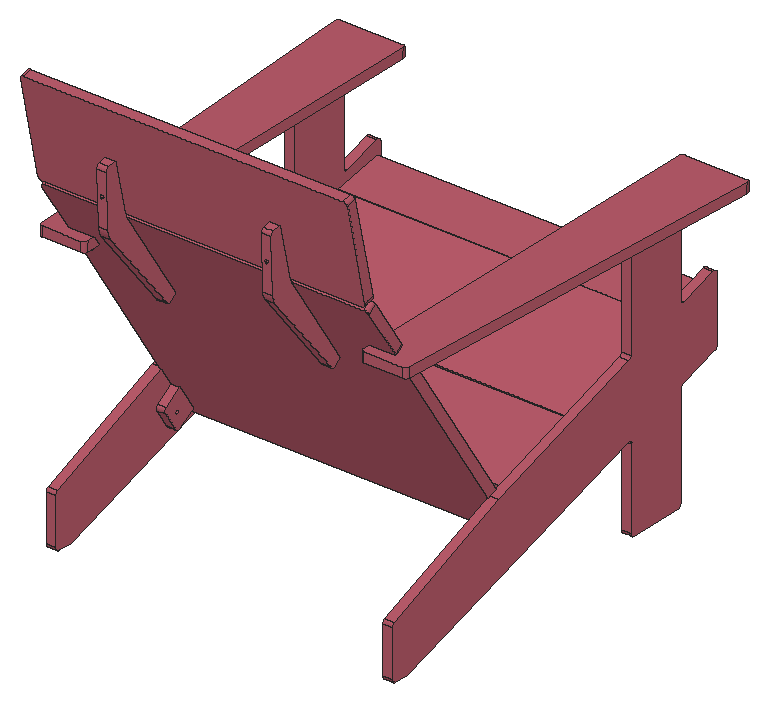
Revit family "Lollygagger Lounge", category Furniture, Revit 2016
Family settings
  OmniClass Number = 23.40.20.00
  OmniClass Title = General Furniture and Specialties
  Work Plane-Based = No
  Always vertical = Yes
  Cut with Voids When Loaded = No
  Shared = No
  Room Calculation Point = No
Parameters (values of type "Loll-Apple")
  Width = 2' - 5 17/64"  # constant formula
  URL = "https://lolldesigns.com/"
  Type Image = lollygagger_lounge_green.jpg
  Thick = 0' - 0 5/8"  # constant formula
  Model = ""
  Manufacturer = "Loll"  # constant formula
  Length = 1' - 10 5/8"  # constant formula
  Height Arm = 1' - 6 19/32"  # constant formula
  Finish Material = Loll-Apple
Reference planes (in)
  plane 1 "Center Front/Back": y = 0
  plane 2: z = 0
  plane 3 "Center Left/Right": x = 0
  plane 4: x = 11.3125
  plane 5: x = -11.3125
  plane 6: y = 14.74047
  plane 7: y = -14.52515
  plane 8: x = 10.6875
  plane 9: x = -10.6875
  plane 10: z = 18.59375
  plane 11: z = 17.96875
Forms (in)
  Extrusion 1, solid, material "Loll-Apple" <- "Finish Material"
    sketch origin (-10.88537, 1.93943, 17.96875) x (0, 1, 0) y (1, 0, 0)
      loop
        arc (-13.19896, 1.88537) -> (-13.37574, 1.81215) -> (-13.44896, 1.63537) r 0.25
        line (-13.44896, 1.63537) -> (-13.44896, -0.8785)
        arc (-13.44896, -0.8785) -> (-13.38071, -1.05017) -> (-13.21322, -1.1281) r 0.25
        line (-13.21322, -1.1281) -> (12.53678, -2.59953)
        arc (12.53678, -2.59953) -> (12.7227, -2.53168) -> (12.80104, -2.34993) r 0.25
        line (12.80104, -2.34993) -> (12.80104, 1.63537)
        arc (12.80104, 1.63537) -> (12.72782, 1.81215) -> (12.55104, 1.88537) r 0.25
        line (12.55104, 1.88537) -> (-13.19896, 1.88537)
    from 0 to -0.625
  Extrusion 2, solid, material "Loll-Apple" <- "Finish Material"
    sketch origin (0, -6.42158, 13.08828) x (-1, 0, 0) y (0, -0.544639, 0.838671)
      loop
        arc (-10.4375, 11.18421) -> (-10.61428, 11.11098) -> (-10.6875, 10.93421) r 0.25
        line (-10.6875, 10.93421) -> (-10.6875, 7.0087)
        arc (-10.6875, 7.0087) -> (-10.65089, 6.92031) -> (-10.5625, 6.8837) r 0.125
        line (-10.5625, 6.8837) -> (-9.25, 6.8837)
        arc (-9.25, 6.8837) -> (-9.07322, 6.81048) -> (-9, 6.6337) r 0.25
        line (-9, 6.6337) -> (-9, 6.53474)
        arc (-9, 6.53474) -> (-9.07322, 6.35796) -> (-9.25, 6.28474) r 0.25
        line (-9.25, 6.28474) -> (-10.5625, 6.28474)
        arc (-10.5625, 6.28474) -> (-10.65089, 6.24812) -> (-10.6875, 6.15974) r 0.125
        line (-10.6875, 6.15974) -> (-10.6875, -7.81579) -> (-10.9375, -7.81579)
        arc (-10.9375, -7.81579) -> (-11.02589, -7.8524) -> (-11.0625, -7.94079) r 0.125
        line (-11.0625, -7.94079) -> (-11.0625, -10.69079)
        arc (-11.0625, -10.69079) -> (-11.02589, -10.77918) -> (-10.9375, -10.81579) r 0.125
        line (-10.9375, -10.81579) -> (10.9375, -10.81579)
        arc (10.9375, -10.81579) -> (11.02589, -10.77918) -> (11.0625, -10.69079) r 0.125
        line (11.0625, -10.69079) -> (11.0625, -7.94079)
        arc (11.0625, -7.94079) -> (11.02589, -7.8524) -> (10.9375, -7.81579) r 0.125
        line (10.9375, -7.81579) -> (10.6875, -7.81579) -> (10.6875, 6.15974)
        arc (10.6875, 6.15974) -> (10.65089, 6.24812) -> (10.5625, 6.28474) r 0.125
        line (10.5625, 6.28474) -> (9.25, 6.28474)
        arc (9.25, 6.28474) -> (9.07322, 6.35796) -> (9, 6.53474) r 0.25
        line (9, 6.53474) -> (9, 6.6337)
        arc (9, 6.6337) -> (9.07322, 6.81048) -> (9.25, 6.8837) r 0.25
        line (9.25, 6.8837) -> (10.5625, 6.8837)
        arc (10.5625, 6.8837) -> (10.65089, 6.92031) -> (10.6875, 7.0087) r 0.125
        line (10.6875, 7.0087) -> (10.6875, 10.93421)
        arc (10.6875, 10.93421) -> (10.61428, 11.11098) -> (10.4375, 11.18421) r 0.25
        line (10.4375, 11.18421) -> (-10.4375, 11.18421)
    from 0 to -0.625
  Extrusion 3, solid, material "Loll-Apple" <- "Finish Material", not visible
    sketch origin (-23.38537, 1.94109, 22.22123) x (0, 1, 0) y (1, 0, 0)
      loop
        arc (-13.19896, 1.88537) -> (-13.37574, 1.81215) -> (-13.44896, 1.63537) r 0.25
        line (-13.44896, 1.63537) -> (-13.44896, -0.8785)
        arc (-13.44896, -0.8785) -> (-13.38071, -1.05017) -> (-13.21322, -1.1281) r 0.25
        line (-13.21322, -1.1281) -> (12.53678, -2.59953)
        arc (12.53678, -2.59953) -> (12.7227, -2.53168) -> (12.80104, -2.34993) r 0.25
        line (12.80104, -2.34993) -> (12.80104, 1.63537)
        arc (12.80104, 1.63537) -> (12.72782, 1.81215) -> (12.55104, 1.88537) r 0.25
        line (12.55104, 1.88537) -> (-13.19896, 1.88537)
    from 0 to -0.625
  Extrusion 4, solid, material "Loll-Apple" <- "Finish Material"
    sketch origin (10.88537, -1.93943, 17.96875) x (0, -1, 0) y (-1, 0, 0)
      loop
        line (9.32009, 1.88537) -> (-16.42991, 1.88537)
        arc (-16.42991, 1.88537) -> (-16.60669, 1.81215) -> (-16.67991, 1.63537) r 0.25
        line (-16.67991, 1.63537) -> (-16.67991, -2.34993)
        arc (-16.67991, -2.34993) -> (-16.60157, -2.53168) -> (-16.41565, -2.59953) r 0.25
        line (-16.41565, -2.59953) -> (9.33435, -1.1281)
        arc (9.33435, -1.1281) -> (9.50184, -1.05017) -> (9.57009, -0.8785) r 0.25
        line (9.57009, -0.8785) -> (9.57009, 1.63537)
        arc (9.57009, 1.63537) -> (9.49687, 1.81215) -> (9.32009, 1.88537) r 0.25
    from 0 to -0.625
  Extrusion 5, solid, material "Loll-Apple" <- "Finish Material"
    sketch origin (0, 0.96383, 7.68975) x (1, 0, 0) y (0, 0.978148, 0.207912)
      loop
        line (-10.875, -3) -> (10.875, -3)
        arc (10.875, -3) -> (10.96339, -2.96339) -> (11, -2.875) r 0.125
        line (11, -2.875) -> (11, 2.875)
        arc (11, 2.875) -> (10.96339, 2.96339) -> (10.875, 3) r 0.125
        line (10.875, 3) -> (-10.875, 3)
        arc (-10.875, 3) -> (-10.96339, 2.96339) -> (-11, 2.875) r 0.125
        line (-11, 2.875) -> (-11, -2.875)
        arc (-11, -2.875) -> (-10.96339, -2.96339) -> (-10.875, -3) r 0.125
    from 0 to -0.625
  Extrusion 6, solid, material "Loll-Apple" <- "Finish Material"
    sketch origin (0, 9.35533, 9.78025) x (0, 0.930418, 0.366501) y (1, 0, 0)
      loop
        line (-5.49076, 10.6875) -> (-5.49076, -10.6875) -> (2.21879, -10.6875) -> (2.21879, 10.6875) -> (-5.49076, 10.6875)
    from 0 to -0.625
  Extrusion 7, solid, material "Loll-Apple" <- "Finish Material"
    sketch origin (-10.6875, 3.48106, 9.27315) x (0, 1, 0) y (0, 0, 1)
      loop
        arc (4.25942, 1.40273) -> (4.21167, 1.25578) -> (4.08667, 1.16497) r 0.25
        line (4.08667, 1.16497) -> (-6.5637, -2.29555) -> (-15.07922, -5.73604)
        arc (-15.07922, -5.73604) -> (-15.19282, -5.82804) -> (-15.23556, -5.96784) r 0.25
        line (-15.23556, -5.96784) -> (-15.23556, -9.02315)
        arc (-15.23556, -9.02315) -> (-15.16234, -9.19993) -> (-14.98556, -9.27315) r 0.25
        line (-14.98556, -9.27315) -> (-14.08185, -9.27315) -> (3.93364, -3.54269)
        arc (3.93364, -3.54269) -> (4.15699, -3.57913) -> (4.25942, -3.78092) r 0.25
        line (4.25942, -3.78092) -> (4.25942, -9.02315)
        arc (4.25942, -9.02315) -> (4.33264, -9.19993) -> (4.50942, -9.27315) r 0.25
        line (4.50942, -9.27315) -> (8.00942, -9.27315)
        arc (8.00942, -9.27315) -> (8.18619, -9.19993) -> (8.25942, -9.02315) r 0.25
        line (8.25942, -9.02315) -> (8.25942, -2.34954)
        arc (8.25942, -2.34954) -> (8.30762, -2.20197) -> (8.43364, -2.1113) r 0.25
        line (8.43364, -2.1113) -> (11.0852, -1.26788)
        arc (11.0852, -1.26788) -> (11.21122, -1.17721) -> (11.25942, -1.02964) r 0.25
        line (11.25942, -1.02964) -> (11.25942, 3.15144)
        arc (11.25942, 3.15144) -> (11.15636, 3.35369) -> (10.93216, 3.3892) r 0.25
        line (10.93216, 3.3892) -> (8.58667, 2.6271)
        arc (8.58667, 2.6271) -> (8.36247, 2.66261) -> (8.25942, 2.86487) r 0.25
        line (8.25942, 2.86487) -> (8.25942, 8.6956) -> (4.25942, 8.6956) -> (4.25942, 1.40273)
    from 0 to -0.625
  Extrusion 8, solid, material "Loll-Apple" <- "Finish Material", not visible
    sketch origin (10.6875, -3.48106, 9.27315) x (0, -1, 0) y (0, 0, 1)
      loop
        line (-11.22153, 1.40273) -> (-11.22153, 8.6956) -> (-15.22153, 8.6956) -> (-15.22153, 2.86487)
        arc (-15.22153, 2.86487) -> (-15.32459, 2.66261) -> (-15.54879, 2.6271) r 0.25
        line (-15.54879, 2.6271) -> (-17.89428, 3.3892)
        arc (-17.89428, 3.3892) -> (-18.11848, 3.35369) -> (-18.22153, 3.15144) r 0.25
        line (-18.22153, 3.15144) -> (-18.22153, -1.02964)
        arc (-18.22153, -1.02964) -> (-18.17333, -1.17721) -> (-18.04731, -1.26788) r 0.25
        line (-18.04731, -1.26788) -> (-15.39575, -2.1113)
        arc (-15.39575, -2.1113) -> (-15.26973, -2.20197) -> (-15.22153, -2.34954) r 0.25
        line (-15.22153, -2.34954) -> (-15.22153, -9.02315)
        arc (-15.22153, -9.02315) -> (-15.14831, -9.19993) -> (-14.97153, -9.27315) r 0.25
        line (-14.97153, -9.27315) -> (-11.47153, -9.27315)
        arc (-11.47153, -9.27315) -> (-11.29475, -9.19993) -> (-11.22153, -9.02315) r 0.25
        line (-11.22153, -9.02315) -> (-11.22153, -3.78092)
        arc (-11.22153, -3.78092) -> (-11.1191, -3.57913) -> (-10.89575, -3.54269) r 0.25
        line (-10.89575, -3.54269) -> (7.11973, -9.27315) -> (8.02345, -9.27315)
        arc (8.02345, -9.27315) -> (8.20023, -9.19993) -> (8.27345, -9.02315) r 0.25
        line (8.27345, -9.02315) -> (8.27345, -5.96784)
        arc (8.27345, -5.96784) -> (8.23071, -5.82804) -> (8.1171, -5.73604) r 0.25
        line (8.1171, -5.73604) -> (-0.39842, -2.29555) -> (-11.04879, 1.16497)
        arc (-11.04879, 1.16497) -> (-11.17379, 1.25578) -> (-11.22153, 1.40273) r 0.25
    from 0 to -0.625
  Extrusion 9, solid, material "Loll-Apple" <- "Finish Material"
    sketch origin (10.6875, -3.48106, 9.27315) x (0, -1, 0) y (0, 0, 1)
      loop
        line (-11.22153, 1.40273) -> (-11.22153, 8.6956) -> (-15.22153, 8.6956) -> (-15.22153, 2.86487)
        arc (-15.22153, 2.86487) -> (-15.32459, 2.66261) -> (-15.54879, 2.6271) r 0.25
        line (-15.54879, 2.6271) -> (-17.89428, 3.3892)
        arc (-17.89428, 3.3892) -> (-18.11848, 3.35369) -> (-18.22153, 3.15144) r 0.25
        line (-18.22153, 3.15144) -> (-18.22153, -1.02964)
        arc (-18.22153, -1.02964) -> (-18.17333, -1.17721) -> (-18.04731, -1.26788) r 0.25
        line (-18.04731, -1.26788) -> (-15.39575, -2.1113)
        arc (-15.39575, -2.1113) -> (-15.26973, -2.20197) -> (-15.22153, -2.34954) r 0.25
        line (-15.22153, -2.34954) -> (-15.22153, -9.02315)
        arc (-15.22153, -9.02315) -> (-15.14831, -9.19993) -> (-14.97153, -9.27315) r 0.25
        line (-14.97153, -9.27315) -> (-11.47153, -9.27315)
        arc (-11.47153, -9.27315) -> (-11.29475, -9.19993) -> (-11.22153, -9.02315) r 0.25
        line (-11.22153, -9.02315) -> (-11.22153, -3.78092)
        arc (-11.22153, -3.78092) -> (-11.1191, -3.57913) -> (-10.89575, -3.54269) r 0.25
        line (-10.89575, -3.54269) -> (7.11973, -9.27315) -> (8.02345, -9.27315)
        arc (8.02345, -9.27315) -> (8.20023, -9.19993) -> (8.27345, -9.02315) r 0.25
        line (8.27345, -9.02315) -> (8.27345, -5.96784)
        arc (8.27345, -5.96784) -> (8.23071, -5.82804) -> (8.1171, -5.73604) r 0.25
        line (8.1171, -5.73604) -> (-0.39842, -2.29555) -> (-11.04879, 1.16497)
        arc (-11.04879, 1.16497) -> (-11.17379, 1.25578) -> (-11.22153, 1.40273) r 0.25
    from 0 to -0.625
  Extrusion 10, solid, material "Loll-Apple" <- "Finish Material"
    sketch origin (0, -13.9548, 25.84055) x (0, -0.224951, 0.97437) y (-1, 0, 0)
      loop
        line (3.5, -10.4375) -> (3.5, 10.4375)
        arc (3.5, 10.4375) -> (3.42678, 10.61428) -> (3.25, 10.6875) r 0.25
        line (3.25, 10.6875) -> (-3.25, 10.6875)
        arc (-3.25, 10.6875) -> (-3.42678, 10.61428) -> (-3.5, 10.4375) r 0.25
        line (-3.5, 10.4375) -> (-3.5, -10.4375)
        arc (-3.5, -10.4375) -> (-3.42678, -10.61428) -> (-3.25, -10.6875) r 0.25
        line (-3.25, -10.6875) -> (3.25, -10.6875)
        arc (3.25, -10.6875) -> (3.42678, -10.61428) -> (3.5, -10.4375) r 0.25
    from 0 to -0.625
  Extrusion 11, solid, material "Loll-Apple" <- "Finish Material"
    sketch origin (0, 11.49047, 9.34065) x (-1, 0, 0) y (0, 0, 1)
      loop
        line (-10.6875, -2.28567) -> (10.6875, -2.28567) -> (10.6875, 1.25636) -> (-10.6875, 1.25636) -> (-10.6875, -2.28567)
    from 0 to -0.625
  Extrusion 12, solid, material "Loll-Apple" <- "Finish Material"
    sketch origin (0, 2.89244, 6.43219) x (0, -0.207912, 0.978148) y (-1, 0, 0)
      loop
        line (-0.86864, 10.6875) -> (-0.86864, -10.6875) -> (1.38136, -10.6875) -> (1.38136, 10.6875) -> (-0.86864, 10.6875)
    from 0.25 to -0.375
  Extrusion 13, solid, material "Loll-Apple" <- "Finish Material", not visible
    sketch origin (-23.1875, 3.48106, 5.02315) x (0, 1, 0) y (0, 0, 1)
      loop
        line (-5.89771, 0.75052) -> (-6.99846, 0.03568)
        arc (-6.99846, 0.03568) -> (-7.10684, -0.12201) -> (-7.07197, -0.31015) r 0.25
        line (-7.07197, -0.31015) -> (-6.25501, -1.56815)
        arc (-6.25501, -1.56815) -> (-6.09732, -1.67653) -> (-5.90918, -1.64166) r 0.25
        line (-5.90918, -1.64166) -> (-4.80843, -0.92682) -> (-5.89771, 0.75052)
      loop
        circle (-6.13972, -0.59897) r 0.15467
    from 0 to 0.625
  Extrusion 14, solid, material "Loll-Apple" <- "Finish Material", not visible
    sketch origin (-18.1875, -12.38505, 24.77911) x (0, 0.224951, -0.97437) y (0, -0.97437, -0.224951)
      loop
        line (-5.53464, 0.33309) -> (-1.92142, 0.33309)
        arc (-1.92142, 0.33309) -> (-1.86284, 0.32797) -> (-1.80603, 0.31275) r 0.33738
        line (-1.80603, 0.31275) -> (5.23059, -2.24837) -> (5.40774, -1.76166)
        arc (5.40774, -1.76166) -> (5.40421, -1.58153) -> (5.28052, -1.45055) r 0.25
        line (5.28052, -1.45055) -> (-1.29837, 1.69031)
        arc (-1.29837, 1.69031) -> (-1.60413, 1.78003) -> (-1.9226, 1.769) r 1
        line (-1.9226, 1.769) -> (-5.33299, 1.09672)
        arc (-5.33299, 1.09672) -> (-5.47776, 1.01021) -> (-5.53464, 0.85144) r 0.25
        line (-5.53464, 0.85144) -> (-5.53464, 0.33309)
    from 0 to -0.625
  Extrusion 15, void, not visible
    sketch origin (-18.1875, -14.5412, 26.25449) x (0, -0.032257, 0.99948) y (-1, 0, 0)
      loop
        circle (1.90046, -0.31296) r 0.12341
    from -1.3884 to 0
  Extrusion 16, solid, material "Loll-Apple" <- "Finish Material"
    sketch origin (-5.6875, -12.38505, 20.52911) x (0, 0.224951, -0.97437) y (0, -0.97437, -0.224951)
      loop
        line (-5.53464, 0.33309) -> (-1.92142, 0.33309)
        arc (-1.92142, 0.33309) -> (-1.86284, 0.32797) -> (-1.80603, 0.31275) r 0.33738
        line (-1.80603, 0.31275) -> (5.23059, -2.24837) -> (5.40774, -1.76166)
        arc (5.40774, -1.76166) -> (5.40421, -1.58153) -> (5.28052, -1.45055) r 0.25
        line (5.28052, -1.45055) -> (-1.29837, 1.69031)
        arc (-1.29837, 1.69031) -> (-1.60413, 1.78003) -> (-1.9226, 1.769) r 1
        line (-1.9226, 1.769) -> (-5.33299, 1.09672)
        arc (-5.33299, 1.09672) -> (-5.47776, 1.01021) -> (-5.53464, 0.85144) r 0.25
        line (-5.53464, 0.85144) -> (-5.53464, 0.33309)
    from 0 to -0.625
  Extrusion 17, void
    sketch origin (-5.6875, -14.5412, 22.00449) x (0, -0.032257, 0.99948) y (-1, 0, 0)
      loop
        circle (1.90046, -0.31296) r 0.12341
    from -1.3884 to 0
  Extrusion 18, solid, material "Loll-Apple" <- "Finish Material"
    sketch origin (5.0625, -12.38505, 20.52911) x (0, 0.224951, -0.97437) y (0, -0.97437, -0.224951)
      loop
        line (-5.53464, 0.33309) -> (-1.92142, 0.33309)
        arc (-1.92142, 0.33309) -> (-1.86284, 0.32797) -> (-1.80603, 0.31275) r 0.33738
        line (-1.80603, 0.31275) -> (5.23059, -2.24837) -> (5.40774, -1.76166)
        arc (5.40774, -1.76166) -> (5.40421, -1.58153) -> (5.28052, -1.45055) r 0.25
        line (5.28052, -1.45055) -> (-1.29837, 1.69031)
        arc (-1.29837, 1.69031) -> (-1.60413, 1.78003) -> (-1.9226, 1.769) r 1
        line (-1.9226, 1.769) -> (-5.33299, 1.09672)
        arc (-5.33299, 1.09672) -> (-5.47776, 1.01021) -> (-5.53464, 0.85144) r 0.25
        line (-5.53464, 0.85144) -> (-5.53464, 0.33309)
    from 0 to -0.625
  Extrusion 19, void
    sketch origin (5.0625, -14.5412, 22.00449) x (0, -0.032257, 0.99948) y (-1, 0, 0)
      loop
        circle (1.90046, -0.31296) r 0.12341
    from -1.3884 to 0
  Extrusion 20, solid, material "Loll-Apple" <- "Finish Material", not visible
    sketch origin (-22.5625, 8.94989, 8.85372) x (0, 1, 0) y (0, 0, 1)
      loop
        circle (0.87763, -0.01108) r 0.15496
      loop
        arc (1.9828, 0.9872) -> (1.63645, 1.04856) -> (1.41621, 1.32282) r 0.5
        line (1.41621, 1.32282) -> (-0.91062, 0.40626) -> (-0.77521, 0.0625)
        arc (-0.77521, 0.0625) -> (0.14382, -1.08772) -> (1.55083, -1.52125) r 2.5
        line (1.55083, -1.52125) -> (1.9828, -1.52125) -> (1.9828, 0.9872)
    from 0 to -0.625
  Extrusion 21, solid, material "Loll-Apple" <- "Finish Material", not visible
    sketch origin (-23.1875, 5.19282, 4.6593) x (0, 1, 0) y (0, 0, 1)
      loop
        line (-5.07718, 2.21119) -> (-4.8043, 0.92737)
        arc (-4.8043, 0.92737) -> (-4.69592, 0.76968) -> (-4.50779, 0.73482) r 0.25
        line (-4.50779, 0.73482) -> (-3.04056, 1.04668)
        arc (-3.04056, 1.04668) -> (-2.88287, 1.15506) -> (-2.848, 1.3432) r 0.25
        line (-2.848, 1.3432) -> (-3.12089, 2.62702) -> (-5.07718, 2.21119)
      loop
        circle (-3.90447, 1.5021) r 0.15469
    from 0 to 0.625
  Extrusion 22, solid, material "Aluminum", not visible
    sketch origin (-23.38537, 1.93943, 18.59375) x (-1, 0, 0) y (0, 1, 0)
      loop
        arc (-0.76037, 8.11354) -> (-1.07287, 7.80104) -> (-0.76037, 7.48854) r 0.3125
        line (-0.76037, 7.48854) -> (0.98963, 7.48854)
        arc (0.98963, 7.48854) -> (1.30213, 7.80104) -> (0.98963, 8.11354) r 0.3125
        line (0.98963, 8.11354) -> (-0.76037, 8.11354)
      loop
        circle (-0.76053, 7.80212) r 0.14929
      loop
        circle (0.98978, 7.80212) r 0.14929
    from 0.625 to 0.69502
  Extrusion 23, solid, material "Loll-Apple" <- "Finish Material"
    sketch origin (0, 12.70993, 10.82302) x (0, 0.983255, 0.182236) y (1, 0, 0)
      loop
        line (1.85946, 10.6875) -> (-1.42966, 10.6875) -> (-1.42966, -10.6875) -> (1.85946, -10.6875) -> (1.85946, 10.6875)
    from 0 to -0.625
  Extrusion 24, solid, material "Aluminum", not visible
    sketch origin (0, -13.01878, 21.98017) x (-1, 0, 0) y (0, -0.544639, 0.838671)
      loop
        circle (22.43875, -5.3862) r 0.14853
      loop
        arc (22.15576, -5.5134) -> (22.43838, -5.7) -> (22.72101, -5.5134) r 0.30733
        line (22.72101, -5.5134) -> (22.9375, -5.00658) -> (22.9375, -4.76572) -> (21.9375, -4.76572) -> (21.9375, -5.00244) -> (22.15576, -5.5134)
    from 0 to 0.065
  Extrusion 25, solid, material "Loll-Apple" <- "Finish Material"
    sketch origin (10.0625, 3.48106, 5.02315) x (0, 1, 0) y (0, 0, 1)
      loop
        line (-5.89771, 0.75052) -> (-6.99846, 0.03568)
        arc (-6.99846, 0.03568) -> (-7.10684, -0.12201) -> (-7.07197, -0.31015) r 0.25
        line (-7.07197, -0.31015) -> (-6.25501, -1.56815)
        arc (-6.25501, -1.56815) -> (-6.09732, -1.67653) -> (-5.90918, -1.64166) r 0.25
        line (-5.90918, -1.64166) -> (-4.80843, -0.92682) -> (-5.89771, 0.75052)
      loop
        circle (-6.13972, -0.59897) r 0.15467
    from 0 to 0.625
  Extrusion 26, solid, material "Loll-Apple" <- "Finish Material"
    sketch origin (10.6875, 8.94989, 8.85372) x (0, 1, 0) y (0, 0, 1)
      loop
        circle (0.87763, -0.01108) r 0.15496
      loop
        arc (1.9828, 0.9872) -> (1.63645, 1.04856) -> (1.41621, 1.32282) r 0.5
        line (1.41621, 1.32282) -> (-0.91062, 0.40626) -> (-0.77521, 0.0625)
        arc (-0.77521, 0.0625) -> (0.14382, -1.08772) -> (1.55083, -1.52125) r 2.5
        line (1.55083, -1.52125) -> (1.9828, -1.52125) -> (1.9828, 0.9872)
    from 0 to -0.625
  Extrusion 27, solid, material "Loll-Apple" <- "Finish Material"
    sketch origin (10.0625, 5.19282, 4.6593) x (0, 1, 0) y (0, 0, 1)
      loop
        line (-5.07718, 2.21119) -> (-4.8043, 0.92737)
        arc (-4.8043, 0.92737) -> (-4.69592, 0.76968) -> (-4.50779, 0.73482) r 0.25
        line (-4.50779, 0.73482) -> (-3.04056, 1.04668)
        arc (-3.04056, 1.04668) -> (-2.88287, 1.15506) -> (-2.848, 1.3432) r 0.25
        line (-2.848, 1.3432) -> (-3.12089, 2.62702) -> (-5.07718, 2.21119)
      loop
        circle (-3.90447, 1.5021) r 0.15469
    from 0 to 0.625
  Extrusion 28, solid, material "Aluminum"
    sketch origin (9.86463, 1.93943, 18.59375) x (-1, 0, 0) y (0, 1, 0)
      loop
        line (0.36463, 8.11354) -> (-1.38537, 8.11354)
        arc (-1.38537, 8.11354) -> (-1.69787, 7.80104) -> (-1.38537, 7.48854) r 0.3125
        line (-1.38537, 7.48854) -> (0.36463, 7.48854)
        arc (0.36463, 7.48854) -> (0.67713, 7.80104) -> (0.36463, 8.11354) r 0.3125
      loop
        circle (0.36478, 7.80212) r 0.14929
      loop
        circle (-1.38553, 7.80212) r 0.14929
    from 0.625 to 0.69502
  Extrusion 29, solid, material "Aluminum"
    sketch origin (33.25, -13.01878, 21.98017) x (-1, 0, 0) y (0, -0.544639, 0.838671)
      loop
        circle (23.93625, -5.3862) r 0.14853
      loop
        line (24.21924, -5.5134) -> (24.4375, -5.00244) -> (24.4375, -4.76572) -> (23.4375, -4.76572) -> (23.4375, -5.00658) -> (23.65399, -5.5134)
        arc (23.65399, -5.5134) -> (23.93662, -5.7) -> (24.21924, -5.5134) r 0.30733
    from 0 to 0.065
  Extrusion 30, solid, material "Loll-Apple" <- "Finish Material"
    sketch origin (-10.6875, 3.48106, 5.02315) x (0, 1, 0) y (0, 0, 1)
      loop
        line (-5.89771, 0.75052) -> (-6.99846, 0.03568)
        arc (-6.99846, 0.03568) -> (-7.10684, -0.12201) -> (-7.07197, -0.31015) r 0.25
        line (-7.07197, -0.31015) -> (-6.25501, -1.56815)
        arc (-6.25501, -1.56815) -> (-6.09732, -1.67653) -> (-5.90918, -1.64166) r 0.25
        line (-5.90918, -1.64166) -> (-4.80843, -0.92682) -> (-5.89771, 0.75052)
      loop
        circle (-6.13972, -0.59897) r 0.15467
    from 0 to 0.625
  Extrusion 31, solid, material "Loll-Apple" <- "Finish Material"
    sketch origin (-10.0625, 8.94989, 8.85372) x (0, 1, 0) y (0, 0, 1)
      loop
        circle (0.87763, -0.01108) r 0.15496
      loop
        arc (1.9828, 0.9872) -> (1.63645, 1.04856) -> (1.41621, 1.32282) r 0.5
        line (1.41621, 1.32282) -> (-0.91062, 0.40626) -> (-0.77521, 0.0625)
        arc (-0.77521, 0.0625) -> (0.14382, -1.08772) -> (1.55083, -1.52125) r 2.5
        line (1.55083, -1.52125) -> (1.9828, -1.52125) -> (1.9828, 0.9872)
    from 0 to -0.625
  Extrusion 32, solid, material "Loll-Apple" <- "Finish Material"
    sketch origin (-10.6875, 5.19282, 4.6593) x (0, 1, 0) y (0, 0, 1)
      loop
        line (-5.07718, 2.21119) -> (-4.8043, 0.92737)
        arc (-4.8043, 0.92737) -> (-4.69592, 0.76968) -> (-4.50779, 0.73482) r 0.25
        line (-4.50779, 0.73482) -> (-3.04056, 1.04668)
        arc (-3.04056, 1.04668) -> (-2.88287, 1.15506) -> (-2.848, 1.3432) r 0.25
        line (-2.848, 1.3432) -> (-3.12089, 2.62702) -> (-5.07718, 2.21119)
      loop
        circle (-3.90447, 1.5021) r 0.15469
    from 0 to 0.625
  Extrusion 33, solid, material "Aluminum"
    sketch origin (-10.88537, 1.93943, 18.59375) x (-1, 0, 0) y (0, 1, 0)
      loop
        arc (-0.76037, 8.11354) -> (-1.07287, 7.80104) -> (-0.76037, 7.48854) r 0.3125
        line (-0.76037, 7.48854) -> (0.98963, 7.48854)
        arc (0.98963, 7.48854) -> (1.30213, 7.80104) -> (0.98963, 8.11354) r 0.3125
        line (0.98963, 8.11354) -> (-0.76037, 8.11354)
      loop
        circle (-0.76053, 7.80212) r 0.14929
      loop
        circle (0.98978, 7.80212) r 0.14929
    from 0.625 to 0.69502
  Extrusion 34, solid, material "Aluminum"
    sketch origin (12.5, -13.01878, 21.98017) x (-1, 0, 0) y (0, -0.544639, 0.838671)
      loop
        circle (22.43875, -5.3862) r 0.14853
      loop
        arc (22.15576, -5.5134) -> (22.43838, -5.7) -> (22.72101, -5.5134) r 0.30733
        line (22.72101, -5.5134) -> (22.9375, -5.00658) -> (22.9375, -4.76572) -> (21.9375, -4.76572) -> (21.9375, -5.00244) -> (22.15576, -5.5134)
    from 0 to 0.065
  Extrusion 35, solid, material "Loll-Apple" <- "Finish Material", not visible
    sketch origin (10.0625, 3.48106, 5.02315) x (0, 1, 0) y (0, 0, 1)
      loop
        line (-5.89771, 0.75052) -> (-6.99846, 0.03568)
        arc (-6.99846, 0.03568) -> (-7.10684, -0.12201) -> (-7.07197, -0.31015) r 0.25
        line (-7.07197, -0.31015) -> (-6.25501, -1.56815)
        arc (-6.25501, -1.56815) -> (-6.09732, -1.67653) -> (-5.90918, -1.64166) r 0.25
        line (-5.90918, -1.64166) -> (-4.80843, -0.92682) -> (-5.89771, 0.75052)
      loop
        circle (-6.13972, -0.59897) r 0.15467
    from 0 to 0.625
  Extrusion 36, solid, material "Loll-Apple" <- "Finish Material", not visible
    sketch origin (10.6875, 8.94989, 8.85372) x (0, 1, 0) y (0, 0, 1)
      loop
        circle (0.87763, -0.01108) r 0.15496
      loop
        arc (1.9828, 0.9872) -> (1.63645, 1.04856) -> (1.41621, 1.32282) r 0.5
        line (1.41621, 1.32282) -> (-0.91062, 0.40626) -> (-0.77521, 0.0625)
        arc (-0.77521, 0.0625) -> (0.14382, -1.08772) -> (1.55083, -1.52125) r 2.5
        line (1.55083, -1.52125) -> (1.9828, -1.52125) -> (1.9828, 0.9872)
    from 0 to -0.625
  Extrusion 37, solid, material "Loll-Apple" <- "Finish Material", not visible
    sketch origin (10.0625, 5.19282, 4.6593) x (0, 1, 0) y (0, 0, 1)
      loop
        line (-5.07718, 2.21119) -> (-4.8043, 0.92737)
        arc (-4.8043, 0.92737) -> (-4.69592, 0.76968) -> (-4.50779, 0.73482) r 0.25
        line (-4.50779, 0.73482) -> (-3.04056, 1.04668)
        arc (-3.04056, 1.04668) -> (-2.88287, 1.15506) -> (-2.848, 1.3432) r 0.25
        line (-2.848, 1.3432) -> (-3.12089, 2.62702) -> (-5.07718, 2.21119)
      loop
        circle (-3.90447, 1.5021) r 0.15469
    from 0 to 0.625
  Extrusion 38, solid, material "Aluminum", not visible
    sketch origin (9.86463, 1.93943, 18.59375) x (-1, 0, 0) y (0, 1, 0)
      loop
        arc (32.48963, 8.11354) -> (32.17713, 7.80104) -> (32.48963, 7.48854) r 0.3125
        line (32.48963, 7.48854) -> (34.23963, 7.48854)
        arc (34.23963, 7.48854) -> (34.55213, 7.80104) -> (34.23963, 8.11354) r 0.3125
        line (34.23963, 8.11354) -> (32.48963, 8.11354)
      loop
        circle (32.48947, 7.80212) r 0.14929
      loop
        circle (34.23978, 7.80212) r 0.14929
    from 0.625 to 0.69502
  Extrusion 39, solid, material "Aluminum", not visible
    sketch origin (33.25, -13.01878, 21.98017) x (-1, 0, 0) y (0, -0.544639, 0.838671)
      loop
        circle (55.68875, -5.3862) r 0.14853
      loop
        arc (55.40576, -5.5134) -> (55.68838, -5.7) -> (55.97101, -5.5134) r 0.30733
        line (55.97101, -5.5134) -> (56.1875, -5.00658) -> (56.1875, -4.76572) -> (55.1875, -4.76572) -> (55.1875, -5.00244) -> (55.40576, -5.5134)
    from 0 to 0.065
Cuts and joins
  Extrusion 17, Extrusion 19 cuts Extrusion 10
  Extrusion 17, Extrusion 19 cuts Extrusion 16
  Extrusion 19 cuts Extrusion 18
Lines and regions (in)
  Masking region 1
    outline origin (0, 0, 0) x (1, 0, 0) y (0, 1, 0)
      loop
        arc (-13.23531, 14.74047) -> (-13.41706, 14.66213) -> (-13.4849, 14.47621) r 0.25
        line (-13.4849, 14.47621) -> (-12.01357, -11.27379)
        arc (-12.01357, -11.27379) -> (-11.93563, -11.44127) -> (-11.76397, -11.50953) r 0.25
        line (-11.76397, -11.50953) -> (-11.3125, -11.50953) -> (-11.3125, -11.75637) -> (-10.6875, -11.75637) -> (-10.6875, -14.68589)
        spline (-10.6875, -14.68589) -> (-10.68536, -14.69323) -> (-10.67898, -14.70045) -> (-10.66847, -14.70741) -> (-10.65401, -14.71401) -> (-10.63584, -14.72013) -> (-10.61428, -14.72566) -> (-10.58969, -14.73051) -> (-10.5625, -14.7346) -> (-10.53317, -14.73785) -> (-10.5022, -14.74021) -> (-10.47013, -14.74165) -> (-10.4375, -14.74213)
        line (-10.4375, -14.74213) -> (10.4375, -14.74213)
        spline (10.4375, -14.74213) -> (10.47013, -14.74165) -> (10.5022, -14.74021) -> (10.53317, -14.73785) -> (10.5625, -14.7346) -> (10.58969, -14.73051) -> (10.61428, -14.72566) -> (10.63584, -14.72013) -> (10.65401, -14.71401) -> (10.66847, -14.70741) -> (10.67898, -14.70045) -> (10.68536, -14.69323) -> (10.6875, -14.68589)
        line (10.6875, -14.68589) -> (10.6875, -11.75637) -> (11.3125, -11.75637) -> (11.3125, -11.50953) -> (11.76388, -11.50953)
        arc (11.76388, -11.50953) -> (11.93554, -11.44127) -> (12.01347, -11.27379) r 0.25
        line (12.01347, -11.27379) -> (13.4848, 14.47621)
        arc (13.4848, 14.47621) -> (13.41696, 14.66213) -> (13.23521, 14.74047) r 0.25
        line (13.23521, 14.74047) -> (9.25, 14.74047)
        arc (9.25, 14.74047) -> (9.13068, 14.71016) -> (9.0403, 14.62658) r 0.25
        line (9.0403, 14.62658) -> (-9.0403, 14.62658)
        arc (-9.0403, 14.62658) -> (-9.13068, 14.71016) -> (-9.25, 14.74047) r 0.25
        line (-9.25, 14.74047) -> (-13.23531, 14.74047)
  Masking region 2
    outline origin (0, -0.21698, 0) x (0, 1, 0) y (0, 0, 1)
      loop
        line (-12.34151, 22.57085) -> (-13.91617, 29.39144) -> (-14.52515, 29.25085) -> (-13.73922, 25.8466) -> (-14.24271, 25.73036)
        arc (-14.24271, 25.73036) -> (-14.38461, 25.63922) -> (-14.43634, 25.4787) r 0.25
        line (-14.43634, 25.4787) -> (-14.32413, 22.00437)
        arc (-14.32413, 22.00437) -> (-14.26324, 21.69159) -> (-14.10704, 21.41385) r 1
        line (-14.10704, 21.41385) -> (-9.56684, 15.71023)
        arc (-9.56684, 15.71023) -> (-9.41138, 15.61917) -> (-9.23508, 15.65626) r 0.25
        line (-9.23508, 15.65626) -> (-8.80069, 15.93835) -> (-2.95743, 6.94052) -> (-11.3828, 3.53645)
        arc (-11.3828, 3.53645) -> (-11.49523, 3.44541) -> (-11.53753, 3.30706) r 0.24741
        line (-11.53753, 3.30706) -> (-11.53753, 0.25)
        arc (-11.53753, 0.25) -> (-11.4643, 0.07322) -> (-11.28753, 0) r 0.25
        line (-11.28753, 0) -> (-10.38381, 0) -> (7.63167, 5.73046)
        arc (7.63167, 5.73046) -> (7.85502, 5.69402) -> (7.95745, 5.49222) r 0.25
        line (7.95745, 5.49222) -> (7.95745, 0.25)
        arc (7.95745, 0.25) -> (8.03068, 0.07322) -> (8.20745, 0) r 0.25
        line (8.20745, 0) -> (11.70745, 0)
        arc (11.70745, 0) -> (11.88423, 0.07322) -> (11.95745, 0.25) r 0.25
        line (11.95745, 0.25) -> (11.95745, 6.92361)
        arc (11.95745, 6.92361) -> (12.00565, 7.07118) -> (12.13167, 7.16185) r 0.25
        line (12.13167, 7.16185) -> (14.78323, 8.00527)
        arc (14.78323, 8.00527) -> (14.90925, 8.09594) -> (14.95745, 8.24351) r 0.25
        line (14.95745, 8.24351) -> (14.95745, 12.42459)
        arc (14.95745, 12.42459) -> (14.8544, 12.62684) -> (14.6302, 12.66235) r 0.25
        line (14.6302, 12.66235) -> (12.28471, 11.90025)
        arc (12.28471, 11.90025) -> (12.06051, 11.93576) -> (11.95745, 12.13802) r 0.25
        line (11.95745, 12.13802) -> (11.95745, 17.96875) -> (14.95745, 17.96875) -> (14.95745, 18.59375) -> (-9.7799, 18.59375) -> (-12.29645, 22.4689) -> (-12.71695, 22.19582) -> (-12.79629, 22.31799) -> (-12.8287, 22.45837) -> (-12.34151, 22.57085)
      loop
        line (-9.37402, 17.96875) -> (-2.34595, 7.14646) -> (7.78471, 10.43811)
        arc (7.78471, 10.43811) -> (7.90971, 10.52893) -> (7.95745, 10.67588) r 0.25
        line (7.95745, 10.67588) -> (7.95745, 17.96875) -> (-9.37402, 17.96875)
  Masking region 3
    outline origin (0, 0, 0) x (1, 0, 0) y (0, 0, 1)
      loop
        line (13.48531, 18.59375) -> (10.6875, 18.59375) -> (10.6875, 22.25847)
        spline (10.6875, 22.25847) -> (10.68633, 22.27869) -> (10.68285, 22.29872) -> (10.67708, 22.31838) -> (10.66907, 22.33748) -> (10.65891, 22.35584) -> (10.64668, 22.37329) -> (10.6325, 22.38967) -> (10.61651, 22.40483) -> (10.59885, 22.41863) -> (10.57968, 22.43093) -> (10.55918, 22.44163) -> (10.53756, 22.45062)
        spline (10.53756, 22.45062) -> (10.55918, 22.46106) -> (10.57968, 22.47348) -> (10.59885, 22.48778) -> (10.61651, 22.50381) -> (10.6325, 22.52142) -> (10.64668, 22.54045) -> (10.65891, 22.56073) -> (10.66907, 22.58206) -> (10.67708, 22.60425) -> (10.68285, 22.62708) -> (10.68633, 22.65036) -> (10.6875, 22.67385)
        line (10.6875, 22.67385) -> (10.6875, 29.14785)
        spline (10.6875, 29.14785) -> (10.68536, 29.17964) -> (10.67898, 29.21089) -> (10.66847, 29.24107) -> (10.65401, 29.26964) -> (10.63584, 29.29614) -> (10.61428, 29.32009) -> (10.58969, 29.3411) -> (10.5625, 29.3588) -> (10.53317, 29.3729) -> (10.5022, 29.38314) -> (10.47013, 29.38936) -> (10.4375, 29.39144)
        line (10.4375, 29.39144) -> (-10.4375, 29.39144)
        spline (-10.4375, 29.39144) -> (-10.47013, 29.38936) -> (-10.5022, 29.38314) -> (-10.53317, 29.3729) -> (-10.5625, 29.3588) -> (-10.58969, 29.3411) -> (-10.61428, 29.32009) -> (-10.63584, 29.29614) -> (-10.65401, 29.26964) -> (-10.66847, 29.24107) -> (-10.67898, 29.21089) -> (-10.68536, 29.17964) -> (-10.6875, 29.14785)
        line (-10.6875, 29.14785) -> (-10.6875, 22.67385)
        spline (-10.6875, 22.67385) -> (-10.68633, 22.65036) -> (-10.68285, 22.62708) -> (-10.67708, 22.60425) -> (-10.66907, 22.58206) -> (-10.65891, 22.56073) -> (-10.64668, 22.54045) -> (-10.6325, 22.52142) -> (-10.61651, 22.50381) -> (-10.59885, 22.48778) -> (-10.57968, 22.47348) -> (-10.55918, 22.46106) -> (-10.53756, 22.45062)
        spline (-10.53756, 22.45062) -> (-10.55918, 22.44163) -> (-10.57968, 22.43093) -> (-10.59885, 22.41863) -> (-10.61651, 22.40483) -> (-10.6325, 22.38967) -> (-10.64668, 22.37329) -> (-10.65891, 22.35584) -> (-10.66907, 22.33748) -> (-10.67708, 22.31838) -> (-10.68285, 22.29872) -> (-10.68633, 22.27869) -> (-10.6875, 22.25847)
        line (-10.6875, 22.25847) -> (-10.6875, 18.59375) -> (-13.48531, 18.59375) -> (-13.48531, 17.96875) -> (-12.1955, 17.96875) -> (-12.1955, 17.89873) -> (-11.3125, 17.89873) -> (-11.3125, 0) -> (-10.6875, 0) -> (-10.6875, 3.34295) -> (-10.0625, 3.34295) -> (-10.0625, 3.67699) -> (10.0625, 3.67699) -> (10.0625, 3.34295) -> (10.6875, 3.34295) -> (10.6875, 0) -> (11.3125, 0) -> (11.3125, 17.89873) -> (12.1955, 17.89873) -> (12.1955, 17.96875) -> (13.48531, 17.96875) -> (13.48531, 18.59375)
  symbolic lines
    curve 1: line (10.6875, 0, 18.59375) -> (9, 0, 18.59375)
    curve 2: line (9, 0, 18.59375) -> (9, 0, 17.96875)
    curve 3: line (12.1955, 0, 17.96875) -> (9, 0, 17.96875)
    curve 4: spline (10.5625, 0, 18.85895) -> (10.57882, 0, 18.85985) -> (10.59485, 0, 18.86252) -> (10.61034, 0, 18.86693) -> (10.625, 0, 18.873) -> (10.6386, 0, 18.88061) -> (10.65089, 0, 18.88966) -> (10.66167, 0, 18.89997) -> (10.67075, 0, 18.91137) -> (10.67798, 0, 18.92367) -> (10.68324, 0, 18.93665) -> (10.68643, 0, 18.9501) -> (10.6875, 0, 18.96378)
    curve 5: line (9.25, 0, 18.85895) -> (10.5625, 0, 18.85895)
    curve 6: spline (9, 0, 18.64928) -> (9.00214, 0, 18.67665) -> (9.00852, 0, 18.70355) -> (9.01903, 0, 18.72952) -> (9.03349, 0, 18.75412) -> (9.05166, 0, 18.77692) -> (9.07322, 0, 18.79754) -> (9.09781, 0, 18.81562) -> (9.125, 0, 18.83086) -> (9.15433, 0, 18.84299) -> (9.1853, 0, 18.85181) -> (9.21737, 0, 18.85716) -> (9.25, 0, 18.85895)
    curve 7: line (9, 0, 18.22588) -> (9, 0, 18.64928)
    curve 8: line (12.1875, 0, 17.89625) -> (9.8125, 0, 17.89625)
    curve 9: line (9.8125, 0, 17.89625) -> (9.8125, 0, 17.96875)
    curve 10: line (11.3125, 0, 16.91235) -> (10.6875, 0, 16.91235)
    curve 11: line (10.6875, 0, 0.25498) -> (10.6875, 0, 17.89625)
    curve 12: spline (-10.5625, 0, 18.85895) -> (-10.57882, 0, 18.85985) -> (-10.59485, 0, 18.86252) -> (-10.61034, 0, 18.86693) -> (-10.625, 0, 18.873) -> (-10.6386, 0, 18.88061) -> (-10.65089, 0, 18.88966) -> (-10.66167, 0, 18.89997) -> (-10.67075, 0, 18.91137) -> (-10.67798, 0, 18.92367) -> (-10.68324, 0, 18.93665) -> (-10.68643, 0, 18.9501) -> (-10.6875, 0, 18.96378)
    curve 13: line (-9.25, 0, 18.85895) -> (-10.5625, 0, 18.85895)
    curve 14: spline (-9, 0, 18.64928) -> (-9.00214, 0, 18.67665) -> (-9.00852, 0, 18.70355) -> (-9.01903, 0, 18.72952) -> (-9.03349, 0, 18.75412) -> (-9.05166, 0, 18.77692) -> (-9.07322, 0, 18.79754) -> (-9.09781, 0, 18.81562) -> (-9.125, 0, 18.83086) -> (-9.15433, 0, 18.84299) -> (-9.1853, 0, 18.85181) -> (-9.21737, 0, 18.85716) -> (-9.25, 0, 18.85895)
    curve 15: line (-9, 0, 18.22588) -> (-9, 0, 18.64928)
    curve 16: line (-11.3125, 0, 16.91235) -> (-10.6875, 0, 16.91235)
    curve 17: line (-10.6875, 0, 0.25498) -> (-10.6875, 0, 17.89625)
    curve 18: line (-12.1875, 0, 17.89625) -> (-9.8125, 0, 17.89625)
    curve 19: line (-9.8125, 0, 17.89625) -> (-9.8125, 0, 17.96875)
    curve 20: line (-10.6875, 0, 18.59375) -> (-9, 0, 18.59375)
    curve 21: line (-9, 0, 18.59375) -> (-9, 0, 17.96875)
    curve 22: line (-12.1955, 0, 17.96875) -> (-9, 0, 17.96875)
    curve 26: line (0, -11.50953, 18.59375) -> (0, -9.78152, 18.59375)
    curve 27: line (0, -11.50953, 18.59375) -> (0, -11.50953, 17.96875)
    curve 28: line (0, -11.50953, 17.96875) -> (0, -9.36564, 17.96875)
    curve 32: line (-9, 14.49047, 0) -> (-9, -9.81758, 0)
    curve 33: line (9, 14.62658, 0) -> (-9, 14.62658, 0)
    curve 36: line (9, -1.97061, 0) -> (-9, -1.97061, 0)
    curve 37: spline (-9.25, -9.95374, 0) -> (-9.21737, -9.95257, 0) -> (-9.1853, -9.9491, 0) -> (-9.15433, -9.94337, 0) -> (-9.125, -9.9355, 0) -> (-9.09781, -9.9256, 0) -> (-9.07322, -9.91386, 0) -> (-9.05166, -9.90047, 0) -> (-9.03349, -9.88566, 0) -> (-9.01903, -9.86968, 0) -> (-9.00852, -9.85282, 0) -> (-9.00214, -9.83535, 0) -> (-9, -9.81758, 0)
    curve 38: line (-10.5625, -9.95374, 0) -> (-9.25, -9.95374, 0)
    curve 39: spline (-10.6875, -10.02182, 0) -> (-10.68643, -10.01293, 0) -> (-10.68324, -10.0042, 0) -> (-10.67798, -9.99577, 0) -> (-10.67075, -9.98778, 0) -> (-10.66167, -9.98037, 0) -> (-10.65089, -9.97368, 0) -> (-10.6386, -9.96781, 0) -> (-10.625, -9.96286, 0) -> (-10.61034, -9.95892, 0) -> (-10.59485, -9.95606, 0) -> (-10.57882, -9.95432, 0) -> (-10.5625, -9.95374, 0)
    curve 40: line (-10.6875, -10.02182, 0) -> (-10.6875, -14.02429, 0)
    curve 49: line (-11.3125, -11.50953, 0) -> (-10.6875, -11.50953, 0)
    curve 50: line (9, 14.49047, 0) -> (9, -9.81758, 0)
    curve 51: spline (9.25, -9.95374, 0) -> (9.21737, -9.95257, 0) -> (9.1853, -9.9491, 0) -> (9.15433, -9.94337, 0) -> (9.125, -9.9355, 0) -> (9.09781, -9.9256, 0) -> (9.07322, -9.91386, 0) -> (9.05166, -9.90047, 0) -> (9.03349, -9.88566, 0) -> (9.01903, -9.86968, 0) -> (9.00852, -9.85282, 0) -> (9.00214, -9.83535, 0) -> (9, -9.81758, 0)
    curve 52: line (10.5625, -9.95374, 0) -> (9.25, -9.95374, 0)
    curve 53: spline (10.6875, -10.02182, 0) -> (10.68643, -10.01293, 0) -> (10.68324, -10.0042, 0) -> (10.67798, -9.99577, 0) -> (10.67075, -9.98778, 0) -> (10.66167, -9.98037, 0) -> (10.65089, -9.97368, 0) -> (10.6386, -9.96781, 0) -> (10.625, -9.96286, 0) -> (10.61034, -9.95892, 0) -> (10.59485, -9.95606, 0) -> (10.57882, -9.95432, 0) -> (10.5625, -9.95374, 0)
    curve 54: line (10.6875, -10.02182, 0) -> (10.6875, -14.02429, 0)
    curve 58: line (11.3125, -11.50953, 0) -> (10.6875, -11.50953, 0)
    curve 59: line (0, 11.97245, 17.96875) -> (0, 7.94245, 17.96875)
  symbolic lines, detail levels medium+fine
    curve 23: line (0, -13.13102, 22.27235) -> (0, -13.9453, 25.7994)
    curve 24: line (0, -10.74211, 18.59375) -> (0, -13.13102, 22.27235)
    curve 25: line (0, -10.17072, 18.86143) -> (0, -10.58292, 18.59375)
    curve 29: line (0, -9.95588, 17.03257) -> (0, -9.79578, 17.13654)
    curve 30: line (0, -9.95588, 17.03257) -> (0, -10.56384, 17.96875)
    curve 31: line (0, -10.33623, 17.96875) -> (0, -9.01767, 15.93835)
    curve 34: line (9, 4.01756, 0) -> (-9, 4.01756, 0)
    curve 35: line (9, 3.89828, 0) -> (-9, 3.89828, 0)
    curve 41: spline (-10.4375, -12.29596, 0) -> (-10.47013, -12.2948, 0) -> (-10.5022, -12.29132, 0) -> (-10.53317, -12.2856, 0) -> (-10.5625, -12.27772, 0) -> (-10.58969, -12.26782, 0) -> (-10.61428, -12.25608, 0) -> (-10.63584, -12.24269, 0) -> (-10.65401, -12.22788, 0) -> (-10.66847, -12.21191, 0) -> (-10.67898, -12.19504, 0) -> (-10.68536, -12.17757, 0) -> (-10.6875, -12.1598, 0)
    curve 42: spline (-10.6875, -12.39609, 0) -> (-10.68536, -12.38875, 0) -> (-10.67898, -12.38154, 0) -> (-10.66847, -12.37457, 0) -> (-10.65401, -12.36798, 0) -> (-10.63584, -12.36186, 0) -> (-10.61428, -12.35633, 0) -> (-10.58969, -12.35148, 0) -> (-10.5625, -12.34739, 0) -> (-10.53317, -12.34414, 0) -> (-10.5022, -12.34177, 0) -> (-10.47013, -12.34034, 0) -> (-10.4375, -12.33986, 0)
    curve 43: line (10.4375, -12.29596, 0) -> (-10.4375, -12.29596, 0)
    curve 44: line (-10.4375, -12.33986, 0) -> (10.4375, -12.33986, 0)
    curve 45: spline (10.4375, -12.33986, 0) -> (10.47013, -12.34034, 0) -> (10.5022, -12.34177, 0) -> (10.53317, -12.34414, 0) -> (10.5625, -12.34739, 0) -> (10.58969, -12.35148, 0) -> (10.61428, -12.35633, 0) -> (10.63584, -12.36186, 0) -> (10.65401, -12.36798, 0) -> (10.66847, -12.37457, 0) -> (10.67898, -12.38154, 0) -> (10.68536, -12.38875, 0) -> (10.6875, -12.39609, 0)
    curve 46: spline (10.6875, -12.1598, 0) -> (10.68536, -12.17757, 0) -> (10.67898, -12.19504, 0) -> (10.66847, -12.21191, 0) -> (10.65401, -12.22788, 0) -> (10.63584, -12.24269, 0) -> (10.61428, -12.25608, 0) -> (10.58969, -12.26782, 0) -> (10.5625, -12.27772, 0) -> (10.53317, -12.2856, 0) -> (10.5022, -12.29132, 0) -> (10.47013, -12.2948, 0) -> (10.4375, -12.29596, 0)
    curve 47: spline (-10.4375, -13.91617, 0) -> (-10.47013, -13.91569, 0) -> (-10.5022, -13.91425, 0) -> (-10.53317, -13.91189, 0) -> (-10.5625, -13.90864, 0) -> (-10.58969, -13.90455, 0) -> (-10.61428, -13.8997, 0) -> (-10.63584, -13.89417, 0) -> (-10.65401, -13.88805, 0) -> (-10.66847, -13.88145, 0) -> (-10.67898, -13.87449, 0) -> (-10.68536, -13.86727, 0) -> (-10.6875, -13.85993, 0)
    curve 48: line (10.4375, -13.91617, 0) -> (-10.4375, -13.91617, 0)
    curve 55: spline (10.4375, -12.29596, 0) -> (10.47013, -12.2948, 0) -> (10.5022, -12.29132, 0) -> (10.53317, -12.2856, 0) -> (10.5625, -12.27772, 0) -> (10.58969, -12.26782, 0) -> (10.61428, -12.25608, 0) -> (10.63584, -12.24269, 0) -> (10.65401, -12.22788, 0) -> (10.66847, -12.21191, 0) -> (10.67898, -12.19504, 0) -> (10.68536, -12.17757, 0) -> (10.6875, -12.1598, 0)
    curve 56: spline (10.6875, -12.39609, 0) -> (10.68536, -12.38875, 0) -> (10.67898, -12.38154, 0) -> (10.66847, -12.37457, 0) -> (10.65401, -12.36798, 0) -> (10.63584, -12.36186, 0) -> (10.61428, -12.35633, 0) -> (10.58969, -12.35148, 0) -> (10.5625, -12.34739, 0) -> (10.53317, -12.34414, 0) -> (10.5022, -12.34177, 0) -> (10.47013, -12.34034, 0) -> (10.4375, -12.33986, 0)
    curve 57: spline (10.4375, -13.91617, 0) -> (10.47013, -13.91569, 0) -> (10.5022, -13.91425, 0) -> (10.53317, -13.91189, 0) -> (10.5625, -13.90864, 0) -> (10.58969, -13.90455, 0) -> (10.61428, -13.8997, 0) -> (10.63584, -13.89417, 0) -> (10.65401, -13.88805, 0) -> (10.66847, -13.88145, 0) -> (10.67898, -13.87449, 0) -> (10.68536, -13.86727, 0) -> (10.6875, -13.85993, 0)
    curve 60: line (0, 10.27014, 17.96875) -> (0, 10.27014, 17.89873)
    curve 61: line (0, 10.27014, 17.89873) -> (0, 9.64495, 17.89873)
    curve 62: line (0, 9.64495, 17.89873) -> (0, 9.64495, 17.96875)
    curve 63: line (0, -2.56293, 7.14646) -> (0, -3.17831, 6.94652)
Dimensions and locks (in)
  "Length": plane 5 to plane 4
  "Width": plane 6 to plane 7
  equal spacing: plane 5, plane 3 "Center Left/Right", plane 4
  plane 8 to plane 4 = 0' - 0 5/8"
  locked: Extrusion 4 to plane 4 at 2.3125
  plane 5 to plane 9 = 0' - 0 5/8"
  locked: plane 5 to Extrusion 1 at 2.3125
  "Height Arm": plane 10 to level
  "Thick": plane 10 to plane 11
  aligned and locked: level to plane 2
  aligned and locked: Extrusion 9 to plane 4
  aligned and locked: plane 5 to Extrusion 7
  aligned and locked: plane 10 to Extrusion 1
  aligned and locked: Extrusion 1 to plane 11
  aligned and locked: plane 10 to Extrusion 4
  aligned and locked: curve 59 to plane 11
  aligned and locked: curve 63 to Extrusion 7
  aligned and locked: Extrusion 4 to plane 11
  aligned and locked: curve 1 to plane 10
  aligned and locked: plane 11 to curve 22
  aligned and locked: plane 10 to curve 20
  aligned and locked: plane 11 to Masking region 3  (x2)
  aligned and locked: Masking region 3 to plane 10  (x2)
  aligned and locked: Masking region 3 sketch curve to cut or joined group of Extrusion 10, Extrusion 17, Extrusion 19
  aligned and locked: Extrusion 2 to Masking region 3 sketch curve
  aligned and locked: Masking region 3 sketch curve to Masking region 3 sketch curve
  aligned and locked: plane 6 to Extrusion 7
  aligned and locked: Masking region 2 to Extrusion 7  (x3)
  aligned and locked: plane 11 to Masking region 2  (x2)
  aligned and locked: Masking region 2 to plane 10
  aligned and locked: Masking region 2 sketch curve to Extrusion 7  (x3)
  aligned and locked: Extrusion 2 to Masking region 2 sketch curve
  aligned and locked: Masking region 2 sketch curve to Extrusion 2  (x2)
  aligned and locked: Masking region 2 sketch curve to cut or joined group of Extrusion 16, Extrusion 17, Extrusion 19  (x3)
  aligned and locked: Masking region 2 to cut or joined group of Extrusion 16, Extrusion 17, Extrusion 19
  aligned and locked: cut or joined group of Extrusion 10, Extrusion 17, Extrusion 19 to Masking region 2 sketch curve
  aligned and locked: Masking region 2 sketch curve to cut or joined group of Extrusion 10, Extrusion 17, Extrusion 19
  aligned and locked: curve 31 to Extrusion 2
  aligned and locked: curve 23 to cut or joined group of Extrusion 10, Extrusion 17, Extrusion 19
  aligned and locked: Extrusion 2 to curve 24
  aligned and locked: Masking region 1 to Extrusion 1  (x2)
  aligned and locked: Extrusion 4 to Masking region 1  (x2)
  aligned and locked: curve 58 to Extrusion 4
  aligned and locked: Masking region 1 sketch curve to Extrusion 1
  aligned and locked: Extrusion 4 to Masking region 1 sketch curve
  aligned and locked: Masking region 1 to cut or joined group of Extrusion 10, Extrusion 17, Extrusion 19
  aligned and locked: plane 9 to Extrusion 30
  aligned and locked: Extrusion 26 to plane 8
  aligned and locked: Extrusion 1 to curve 49
  aligned and locked: Masking region 1 to Masking region 1
Automatic sketch dimensions
  Extrusion 1 sketch curve to Extrusion 1 sketch curve = 0' - 0.01426"  (x2)
  Extrusion 1 sketch curve to Extrusion 1 sketch curve = 0' - 0.24959"
  Extrusion 1 sketch curve to Extrusion 1 sketch curve = 0' - 0 1/4"  (x2)
  Extrusion 1 sketch curve to Extrusion 1 sketch curve = 2' - 1 3/4"
  Extrusion 1 sketch curve to Extrusion 1 sketch curve = 0' - 0"
  Extrusion 1 sketch curve to Extrusion 1 sketch curve = 0' - 2.51388"
  Extrusion 1 sketch curve to Extrusion 1 sketch curve = 0' - 3.98531"
  Extrusion 3 sketch curve to Extrusion 3 sketch curve = 0' - 0.01426"  (x2)
  Extrusion 3 sketch curve to Extrusion 3 sketch curve = 0' - 0.24959"
  Extrusion 3 sketch curve to Extrusion 3 sketch curve = 0' - 0 1/4"  (x2)
  Extrusion 3 sketch curve to Extrusion 3 sketch curve = 2' - 1 3/4"
  Extrusion 3 sketch curve to Extrusion 3 sketch curve = 0' - 0"
  Extrusion 3 sketch curve to Extrusion 3 sketch curve = 0' - 2.51388"
  Extrusion 3 sketch curve to Extrusion 3 sketch curve = 0' - 3.98531"
  Extrusion 4 sketch curve to Extrusion 4 sketch curve = 0' - 0.01426"  (x2)
  Extrusion 4 sketch curve to Extrusion 4 sketch curve = 0' - 0.24959"
  Extrusion 4 sketch curve to Extrusion 4 sketch curve = 0' - 0 1/4"  (x2)
  Extrusion 4 sketch curve to Extrusion 4 sketch curve = 2' - 1 3/4"
  Extrusion 4 sketch curve to Extrusion 4 sketch curve = 0' - 0"
  Extrusion 4 sketch curve to Extrusion 4 sketch curve = 0' - 2.51388"
  Extrusion 4 sketch curve to Extrusion 4 sketch curve = 0' - 3.98531"
  Extrusion 14 sketch curve to Extrusion 14 sketch curve = 0' - 0.19222"
  Extrusion 14 to Extrusion 15 sketch curve = 0' - 0.31204"
  Extrusion 15 sketch curve to Extrusion 14 = 0' - 1.57556"
  Extrusion 14 sketch curve to Extrusion 14 sketch curve = 0' - 0.04835"
  Extrusion 14 sketch curve to Extrusion 14 sketch curve = 0' - 0.1934"
  Extrusion 14 sketch curve to Extrusion 14 sketch curve = 0' - 0.11539"
  Extrusion 14 sketch curve to Extrusion 14 sketch curve = 0' - 0.62424"
  Extrusion 14 sketch curve to Extrusion 14 sketch curve = 0' - 0.05777"
  Extrusion 14 sketch curve to Extrusion 14 sketch curve = 0' - 0.10771"
  Extrusion 14 sketch curve to Extrusion 14 sketch curve = 0' - 0.23492"
  Extrusion 14 sketch curve to Extrusion 14 sketch curve = 0' - 0.48671"
  Extrusion 14 sketch curve to Extrusion 14 sketch curve = 0' - 0.31703"
  Extrusion 16 sketch curve to Extrusion 16 sketch curve = 0' - 0.19222"
  Extrusion 16 to Extrusion 17 sketch curve = 0' - 0.31204"
  Extrusion 17 sketch curve to Extrusion 16 = 0' - 1.57556"
  Extrusion 16 sketch curve to Extrusion 16 sketch curve = 0' - 0.04835"
  Extrusion 16 sketch curve to Extrusion 16 sketch curve = 0' - 0.1934"
  Extrusion 16 sketch curve to Extrusion 16 sketch curve = 0' - 0.11539"
  Extrusion 16 sketch curve to Extrusion 16 sketch curve = 0' - 0.62424"
  Extrusion 16 sketch curve to Extrusion 16 sketch curve = 0' - 0.05777"
  Extrusion 16 sketch curve to Extrusion 16 sketch curve = 0' - 0.10771"
  Extrusion 16 sketch curve to Extrusion 16 sketch curve = 0' - 0.23492"
  Extrusion 16 sketch curve to Extrusion 16 sketch curve = 0' - 0.48671"
  Extrusion 16 sketch curve to Extrusion 16 sketch curve = 0' - 0.31703"
  Extrusion 18 sketch curve to Extrusion 18 sketch curve = 0' - 0.19222"
  Extrusion 18 to Extrusion 19 sketch curve = 0' - 0.31204"
  Extrusion 19 sketch curve to Extrusion 18 = 0' - 1.57556"
  Extrusion 18 sketch curve to Extrusion 18 sketch curve = 0' - 0.04835"
  Extrusion 18 sketch curve to Extrusion 18 sketch curve = 0' - 0.1934"
  Extrusion 18 sketch curve to Extrusion 18 sketch curve = 0' - 0.11539"
  Extrusion 18 sketch curve to Extrusion 18 sketch curve = 0' - 0.62424"
  Extrusion 18 sketch curve to Extrusion 18 sketch curve = 0' - 0.05777"
  Extrusion 18 sketch curve to Extrusion 18 sketch curve = 0' - 0.10771"
  Extrusion 18 sketch curve to Extrusion 18 sketch curve = 0' - 0.23492"
  Extrusion 18 sketch curve to Extrusion 18 sketch curve = 0' - 0.48671"
  Extrusion 18 sketch curve to Extrusion 18 sketch curve = 0' - 0.31703"
  Extrusion 14 sketch curve to Extrusion 14 sketch curve = 0' - 0.20165"
  Extrusion 14 sketch curve to Extrusion 14 sketch curve = 0' - 3.41039"
  Extrusion 14 sketch curve to Extrusion 14 sketch curve = 0' - 6.97885"
  Extrusion 14 sketch curve to Extrusion 14 sketch curve = 0' - 0.08551"
  Extrusion 14 sketch curve to Extrusion 14 sketch curve = 0' - 0.47513"
  Extrusion 14 sketch curve to Extrusion 14 sketch curve = 0' - 0.51835"
  Extrusion 14 sketch curve to Extrusion 14 sketch curve = 0' - 0.90243"
  Extrusion 16 sketch curve to Extrusion 16 sketch curve = 0' - 0.20165"
  Extrusion 16 sketch curve to Extrusion 16 sketch curve = 0' - 3.41039"
  Extrusion 16 sketch curve to Extrusion 16 sketch curve = 0' - 6.97885"
  Extrusion 16 sketch curve to Extrusion 16 sketch curve = 0' - 0.08551"
  Extrusion 16 sketch curve to Extrusion 16 sketch curve = 0' - 0.47513"
  Extrusion 16 sketch curve to Extrusion 16 sketch curve = 0' - 0.51835"
  Extrusion 16 sketch curve to Extrusion 16 sketch curve = 0' - 0.90243"
  Extrusion 18 sketch curve to Extrusion 18 sketch curve = 0' - 0.20165"
  Extrusion 18 sketch curve to Extrusion 18 sketch curve = 0' - 3.41039"
  Extrusion 18 sketch curve to Extrusion 18 sketch curve = 0' - 6.97885"
  Extrusion 18 sketch curve to Extrusion 18 sketch curve = 0' - 0.08551"
  Extrusion 18 sketch curve to Extrusion 18 sketch curve = 0' - 0.47513"
  Extrusion 18 sketch curve to Extrusion 18 sketch curve = 0' - 0.51835"
  Extrusion 18 sketch curve to Extrusion 18 sketch curve = 0' - 0.90243"
  Extrusion 7 sketch curve to Extrusion 7 sketch curve = 0' - 0.15635"
  Extrusion 7 sketch curve to Extrusion 7 sketch curve = 0' - 0 1/4"  (x10)
  Extrusion 7 sketch curve to Extrusion 7 sketch curve = 0' - 0.90372"
  Extrusion 7 sketch curve to Extrusion 7 sketch curve = 0' - 8.51552"
  Extrusion 7 sketch curve to Extrusion 7 sketch curve = 0' - 10.49734"
  Extrusion 7 sketch curve to Extrusion 7 sketch curve = 0' - 0.07578"  (x3)
  Extrusion 7 sketch curve to Extrusion 7 sketch curve = 0' - 0.07725"  (x3)
  Extrusion 7 sketch curve to Extrusion 7 sketch curve = 0' - 3 1/2"
  Extrusion 7 sketch curve to Extrusion 7 sketch curve = 0' - 4"
  Extrusion 7 sketch curve to Extrusion 7 sketch curve = 0' - 0.17422"
  Extrusion 7 sketch curve to Extrusion 7 sketch curve = 0' - 2.34549"
  Extrusion 7 sketch curve to Extrusion 7 sketch curve = 0' - 2.57578"
  Extrusion 7 sketch curve to Extrusion 7 sketch curve = 0' - 3.05531"
  Extrusion 7 sketch curve to Extrusion 7 sketch curve = 0' - 5.24222"
  Extrusion 7 sketch curve to Extrusion 7 sketch curve = 0' - 1.43138"
  Extrusion 7 sketch curve to Extrusion 7 sketch curve = 0' - 3.44049"
  Extrusion 7 sketch curve to Extrusion 7 sketch curve = 0' - 0.84342"
  Extrusion 7 sketch curve to Extrusion 7 sketch curve = 0' - 4.70765"
  Extrusion 7 sketch curve to Extrusion 7 sketch curve = 0' - 3.65674"
  Extrusion 7 sketch curve to Extrusion 7 sketch curve = 0' - 0.52433"
  Extrusion 7 sketch curve to Extrusion 7 sketch curve = 0' - 5.83073"
  Extrusion 8 sketch curve to Extrusion 8 sketch curve = 0' - 0.15635"
  Extrusion 8 sketch curve to Extrusion 8 sketch curve = 0' - 0 1/4"  (x10)
  Extrusion 8 sketch curve to Extrusion 8 sketch curve = 0' - 0.90372"
  Extrusion 8 sketch curve to Extrusion 8 sketch curve = 0' - 8.51552"
  Extrusion 8 sketch curve to Extrusion 8 sketch curve = 0' - 10.49734"
  Extrusion 8 sketch curve to Extrusion 8 sketch curve = 0' - 0.07578"  (x3)
  Extrusion 8 sketch curve to Extrusion 8 sketch curve = 0' - 0.07725"  (x3)
  Extrusion 8 sketch curve to Extrusion 8 sketch curve = 0' - 3 1/2"
